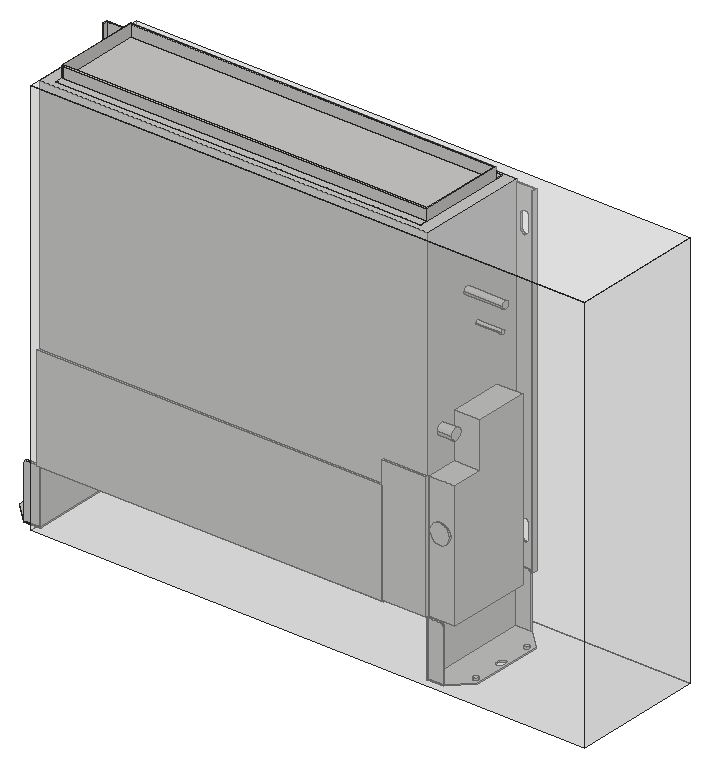
Revit family "outputfile", category 機械設備, Revit 2024
Family settings
  丸型コネクタ寸法 = 半径を使用
  パーツ タイプ = 標準
  OmniClass 番号 = 23.75.10.24.21.27.27
  OmniClass タイトル = Split System Air Conditioning Units
  作業面ベース = いいえ
  常に垂直 = はい
  ロード時にボイドで切り取り = いいえ
  注釈の向きを維持 = いいえ
  共有 = いいえ
  部屋計算ポイント = いいえ
Parameters (values of type "FXNQ20A2VEB")
  Description = ""
  製造元 = "Daikin"
  書き出し IFC クラス(タイプ) = "IfcUnitaryEquipmentType"
  定義済み IFC タイプ(タイプ) = "AIRCONDITIONINGUNIT"
  Cost = 0
  モデル = "FXNQ20A2VEB"
  Type Comments = ""
  Keynote = ""
  Type Image = (empty or 0)
  Assembly Code = ""
  w_hangerfixture = 0.0 mm
  w_dischargeflange = 662.0 mm
  r_Liquid Pipe Size = Liquid Pipe Size / 2  # 3.2 mm
  r_Gas Pipe Size = Gas Pipe Size / 2  # 6.35 mm
  w_mounting foot = 830.0 mm
  r_Drain Pipe Size = Drain Pipe Size / 2  # 10.0 mm
  h_mountinghole = [h***] + 1.6 mm  # 1.6 mm
  lh_liquidpipe = 193.0 mm
  lh_gaspipe = 130.0 mm
  lh_drainpipe = 330.0 mm
  lh_antena = 725.8 mm  # constant formula
  ld_liquidpipe = 90.0 mm
  ld_gaspipe = 114.0 mm
  ld_drainpipe = 171.0 mm
  h*** = 0.0 mm  # constant formula
  w_front suction = 601.0 mm
  d_pipe_2 = 27.3 mm  # constant formula
  d_pipe_1 = 47.6 mm  # constant formula
  d_pipe = 71.2 mm  # constant formula
  Width = 704.8 mm
  Voltage_comment_60Hz = "220"
  Voltage_comment_50Hz = "220-240"
  Voltage_60Hz = 220 V
  Voltage_50Hz = 220 V
  Version = "ver.1.0"
  Unit Type = "Concealed Floor Standing Type"
  Unit Mass Weight = 23.50 kg
  Unit Designation [instance] = ""
  Uniclass2015Version = "Products v1.30"
  Uniclass2015Title = "Variable refrigerant flow units"
  Uniclass2015Code = "Pr_70_65_03_94"
  URL = ""
  Total Heating Capacity [instance] = 0.000 kW
  Total Cooling Capacity [instance] = 0.000 kW
  Sound Pressure Level_M speed (dBA) = 0
  Sound Pressure Level_L speed (dBA) = 27
  Sound Pressure Level_H speed (dBA) = 30
  Series = "VRV Fan Coil Unit"
  Sensible Cooling Capacity [instance] = 0.000 kW
  SA Duct Size Width = 660.0 mm
  SA Duct Size Height = 154.0 mm
  Refrigerant Type = "R410A"
  Power Input (Heating) = 0.068 kW
  Power Input (Cooling) = 0.071 kW
  Phase_60Hz = 1
  Phase_50Hz = 1
  Option Accessory 3 [instance] = ""
  Option Accessory 2 [instance] = ""
  Option Accessory 1 [instance] = ""
  Nominal Heating Capacity = 2.500 kW
  Nominal Cooling Capacity = 2.200 kW
  Minimum External Static Pressure = 0.00 Pa
  Minimum Circuit Amps_60Hz = 0.4 A
  Minimum Circuit Amps_50Hz = 0.4 A
  Minimum Airflow = 384.00 m³/h
  Median Airflow = 432.00 m³/h
  Maximum Fuse Amps_60Hz = 16.0 A
  Maximum Fuse Amps_50Hz = 16.0 A
  Maximum External Static Pressure = 41.00 Pa
  Maximum Airflow = 480.00 m³/h
  Material_Casing = DAIKIN_GalvanizedSteel_Casing_indoorunit
  Load Classification = HVAC
  Liquid Pipe Size = 6.4 mm
  Link_Nested Family [instance] = ""
  IfcVersion = "0"
  IfcExportType = "AIRCONDITIONINGUNIT"
  IfcExportAs = "IfcUnitaryEquipmentType"
  Height = 623.4 mm
  Heating Entering Wet Bulb Temperature [instance] = 0.00 °C
  Heating Entering Dry Bulb Temperature [instance] = 0.00 °C
  Heating Ambient Wet Bulb Temperature [instance] = 0.00 °C
  Heating Ambient Dry Bulb Temperature [instance] = 0.00 °C
  Heat Exchanger Type = "Cross Fin Coil"
  Gas Pipe Size = 12.7 mm
  Frequency_60Hz = 60 Hz
  Frequency_50Hz = 50 Hz
  Fan Type = "Sirocco Fan"
  Fan Drive = "Direct Drive"
  FCU Tag No. [instance] = ""
  Drain Pipe Size = 20.0 mm
  Design Supply Airflow [instance] = 0.00 m³/h
  Design External Static Pressure [instance] = 0.00 Pa
  Depth = 200.0 mm
  既定の高さ = 0.0 mm
  Cooling Entering Wet Bulb Temperature [instance] = 0.00 °C
  Cooling Entering Dry Bulb Temperature [instance] = 0.00 °C
  Cooling Ambient Wet Bulb Temperature [instance] = 0.00 °C
  Cooling Ambient Dry Bulb Temperature [instance] = 0.00 °C
  Clearance visibility [instance] = yes
  Clearance Top = 0.0 mm
  Clearance Right = 300.0 mm
  Clearance Rear = 20.0 mm
  Clearance Left = 0.0 mm
  Clearance Front = 20.0 mm
  Clearance Bottom = 100.0 mm
Reference planes
  plane 1 "Back": y = 0
  plane 2: z = 0
  plane 3 "Center (Left/Right)": x = 0
  plane 4 "Center (Front/Back)": y = -100
  plane 5 "Front": y = -200
  plane 6 "Left": x = -352.4
  plane 7 "Right": x = 352.4
  plane 8 "Top": z = 726.4
  plane 9: z = 103
  plane 10 "lh_liquidpipe": z = 533.4
  plane 11 "ld_liquidpipe": y = -90
  plane 12 "ld_gaspipe": y = -114
  plane 13 "lh_gaspipe": z = 596.4
  plane 14 "lh_drainpipe": z = 396.4
  plane 15 "ld_drainpipe": y = -171
  plane 16: x = 400
  plane 17: x = 423.6
  plane 18: x = -340
  plane 19: x = 261
  plane 20: z = 111.4
  plane 21: z = 290.8
  plane 22 "lw_powersupply": x = 376.2
  plane 23 "ld_powersupply": y = -150
  plane 24: y = -10
  plane 25: y = -190
  plane 26: x = 415
  plane 27: x = -415
  plane 28: x = 379.7
  plane 29: x = -390
  plane 30: x = 390
  plane 31: z = 723
  plane 32: z = 747.6
  plane 33: z = 726.4
  plane 34: z = 3
  plane 35: x = -352.4
  plane 36: x = 652.4
  plane 37: y = -220
  plane 38: y = 20
  plane 39: x = -405
  plane 40: x = 405
  plane 41: y = -97.5
  plane 42 "Bottom": z = 0
Forms (mm)
  Extrusion 1, solid, material "DAIKIN_GalvanizedSteel_Casing_indoorunit" <- "Material_Casing"
    sketch origin (0, 0, 0) x (1, 0, 0) y (0, 1, 0)
      loop
        line (-352.4, 0) -> (-352.4, -200) -> (352.4, -200) -> (352.4, 0) -> (-352.4, 0)
    from 103 to 726.4
  Extrusion 2, solid, material "DAIKIN_GalvanizedSteel_Casing_indoorunit" <- "Material_Casing"
    sketch origin (352.4, 0, 0) x (0, -1, 0) y (0, 0, -1)
      loop
        circle (90, -533.4) r 3.2
    from 0 to 47.6
  Extrusion 3, solid, material "DAIKIN_GalvanizedSteel_Casing_indoorunit" <- "Material_Casing"
    sketch origin (352.4, 0, 0) x (0, -1, 0) y (0, 0, -1)
      loop
        circle (114, -596.4) r 6.35
    from 0 to 71.2
  Extrusion 4, solid, material "DAIKIN_GalvanizedSteel_Casing_indoorunit" <- "Material_Casing"
    sketch origin (0, -200, 0) x (-1, 0, 0) y (0, 0, 1)
      loop
        line (352.4, 290.8) -> (-271.8, 290.8) -> (-271.8, 103) -> (352.4, 103) -> (352.4, 290.8)
    from 0 to -5
  Extrusion 5, solid, material "DAIKIN_GalvanizedSteel_Casing_indoorunit" <- "Material_Casing"
    sketch origin (352.4, 0, 0) x (0, 1, 0) y (0, 0, 1)
      loop
        line (-198.4, 103.6) -> (-46, 103.6) -> (-46, 413.6) -> (-142.2, 413.6) -> (-142.2, 331.6) -> (-198.4, 331.6) -> (-198.4, 103.6)
    from 0 to 47.6
  Extrusion 6, solid, material "DAIKIN_GalvanizedSteel_Casing_indoorunit" <- "Material_Casing"
    sketch origin (0, 0, 103) x (-1, 0, 0) y (0, -1, 0)
      loop
        line (352.4, 0) -> (352.4, 200) -> (-271.8, 200) -> (-271.8, 0) -> (352.4, 0)
    from 0 to -5
  Extrusion 7, solid, material "DAIKIN_GalvanizedSteel_Casing_indoorunit" <- "Material_Casing"
    sketch origin (352.4, 0, 0) x (0, 1, 0) y (0, 0, 1)
      loop
        circle (-171, 396.4) r 10
    from 0 to 27.3
  Extrusion 8, solid, material "DAIKIN_GalvanizedSteel_Casing_indoorunit" <- "Material_Casing"
    sketch origin (0, 0, 103) x (-1, 0, 0) y (0, -1, 0)
      loop
        line (352.4, 0) -> (390, 0) -> (390, 10) -> (387.7, 10) -> (387.7, 2.3) -> (352.4, 2.3) -> (352.4, 0)
    from 0 to 620
  Extrusion 9, solid, material "DAIKIN_GalvanizedSteel_Casing_indoorunit" <- "Material_Casing"
    sketch origin (0, 0, 103) x (1, 0, 0) y (0, 1, 0)
      loop
        line (352.4, 0) -> (352.4, -2.3) -> (387.7, -2.3) -> (387.7, -10) -> (390, -10) -> (390, 0) -> (352.4, 0)
    from 0 to 620
  Extrusion 10, void
    sketch origin (-352.4, -2.3, 103) x (1, 0, 0) y (0, 0, -1)
      loop
        line (-24.6, -547) -> (-24.6, -573)
        arc (-24.6, -573) -> (-17.6, -580) -> (-10.6, -573) r 7
        line (-10.6, -573) -> (-10.6, -547)
        arc (-10.6, -547) -> (-17.6, -540) -> (-24.6, -547) r 7
      loop
        arc (729.4, -547) -> (722.4, -540) -> (715.4, -547) r 7
        line (715.4, -547) -> (715.4, -573)
        arc (715.4, -573) -> (722.4, -580) -> (729.4, -573) r 7
        line (729.4, -573) -> (729.4, -547)
      loop
        line (-24.6, -47) -> (-24.6, -73)
        arc (-24.6, -73) -> (-17.6, -80) -> (-10.6, -73) r 7
        line (-10.6, -73) -> (-10.6, -47)
        arc (-10.6, -47) -> (-17.6, -40) -> (-24.6, -47) r 7
      loop
        arc (729.4, -47) -> (722.4, -40) -> (715.4, -47) r 7
        line (715.4, -47) -> (715.4, -73)
        arc (715.4, -73) -> (722.4, -80) -> (729.4, -73) r 7
        line (729.4, -73) -> (729.4, -47)
    from 0 to 250
  Extrusion 11, solid, material "DAIKIN_GalvanizedSteel_Casing_indoorunit" <- "Material_Casing"
    sketch origin (352.4, -200, 0) x (-1, 0, 0) y (0, 0, -1)
      loop
        line (80.6, -331.6) -> (80.6, -104.6) -> (0, -104.6) -> (0, -331.6) -> (80.6, -331.6)
    from 0 to 5
  Extrusion 12, solid, material "DAIKIN_GalvanizedSteel_Casing_indoorunit" <- "Material_Casing"
    sketch origin (352.4, -198.4, 331.6) x (0, 0, -1) y (1, 0, 0)
      loop
        circle (86.6, 21.8) r 17.5
    from 0 to 2.6
Cuts and joins
  Extrusion 10 cuts Extrusion 8
  Extrusion 10 cuts Extrusion 9
Dimensions and locks
  "Height": plane 8 "Top" to plane 9
  "Depth": plane 1 "Back" to plane 5 "Front"
  equal spacing: plane 5 "Front", plane 4 "Center (Front/Back)", plane 1 "Back"
  "Width": plane 6 "Left" to plane 7 "Right"
  equal spacing: plane 6 "Left", plane 3 "Center (Left/Right)", plane 7 "Right"
  "ld_liquidpipe": plane 11 "ld_liquidpipe" to plane 1 "Back"
  "lh_liquidpipe": plane 8 "Top" to plane 10 "lh_liquidpipe"
  "ld_gaspipe": plane 12 "ld_gaspipe" to plane 1 "Back"
  "lh_gaspipe": plane 8 "Top" to plane 13 "lh_gaspipe"
  "lh_drainpipe": plane 8 "Top" to plane 14 "lh_drainpipe"
  "ld_drainpipe": plane 15 "ld_drainpipe" to plane 1 "Back"
  "d_pipe_1": plane 16 to plane 7 "Right"
  "d_pipe": plane 17 to plane 7 "Right"
  plane 21 to plane 20 to plane 9 = 179.4 mm locked, 8.4 mm locked
  locked: plane 18 to plane 29 at 50
  "w_front suction": plane 19 to plane 18
  locked: Extrusion 5 sketch curve to Extrusion 5 sketch curve at 96.2
  locked: Extrusion 5 sketch curve to Extrusion 5 sketch curve at 310
  locked: Extrusion 5 sketch curve to Extrusion 5 sketch curve at 152.4
  locked: Extrusion 5 sketch curve to Extrusion 5 sketch curve at 228
  locked: Extrusion 5 sketch curve to plane 9 at 0.6
  locked: plane 7 "Right" to plane 22 "lw_powersupply" at 23.8
  locked: plane 23 "ld_powersupply" to plane 5 "Front" at 50
  locked: plane 24 to plane 1 "Back" at 10
  locked: plane 25 to plane 5 "Front" at 10
  equal spacing: plane 26, plane 3 "Center (Left/Right)", plane 27
  "w_mounting foot": plane 26 to plane 27
  locked: Extrusion 5 sketch curve to plane 1 "Back" at 46
  "d_pipe_2": plane 28 to plane 7 "Right"
  locked: plane 30 to plane 7 "Right" at 37.6
  locked: plane 6 "Left" to plane 29 at 37.6
  locked: Extrusion 10 sketch curve to Extrusion 10 sketch curve at 14  (x6)
  locked: Extrusion 10 sketch curve to Extrusion 10 sketch curve at 26  (x6)
  locked: plane 8 "Top" to plane 31 at 3.4
  locked: cut or joined group of Extrusion 8, Extrusion 10 to Extrusion 10 sketch curve at 17.6
  locked: cut or joined group of Extrusion 8, Extrusion 10 to Extrusion 10 sketch curve at 47
  locked: Extrusion 9 to Extrusion 10 sketch curve at 47
  locked: Extrusion 10 sketch curve to Extrusion 1 at 17.6  (x3)
  locked: Extrusion 10 sketch curve to Extrusion 10 sketch curve at 474  (x2)
  locked: plane 32 to plane 8 "Top" at 21.2
  "Clearance Right": plane 36 to plane 7 "Right"
  "Clearance Left": plane 6 "Left" to plane 35
  "Clearance Bottom": plane 9 to plane 34
  "Clearance Top": plane 33 to plane 8 "Top"
  "Clearance Front": plane 5 "Front" to plane 37
  "Clearance Rear": plane 1 "Back" to plane 38
  locked: plane 27 to plane 39 at 10
  locked: plane 40 to plane 26 at 10
  locked: plane 41 to plane 4 "Center (Front/Back)" at 2.5
  "h***": plane 42 "Bottom" to plane 2
  locked: plane 9 to plane 42 "Bottom" at 103
  locked: Extrusion 11 sketch curve to Extrusion 11 sketch curve at 227
  locked: Extrusion 11 sketch curve to Extrusion 11 sketch curve at 80.6
  locked: Extrusion 11 sketch curve to plane 9 at 1.6
  locked: Extrusion 12 sketch curve to plane 9 at 142
  locked: Extrusion 12 sketch curve to plane 7 "Right" at 21.8
  "Liquid Pipe Size": diameter of Extrusion 2 sketch curve
  "Gas Pipe Size": diameter of Extrusion 3 sketch curve
  "Drain Pipe Size": diameter of Extrusion 7 sketch curve
  aligned and locked: level to plane 2
  aligned and locked: plane 1 "Back" to Extrusion 1 sketch curve
  aligned and locked: plane 6 "Left" to Extrusion 1 sketch curve
  aligned and locked: plane 5 "Front" to Extrusion 1 sketch curve
  aligned and locked: Extrusion 1 sketch curve to plane 7 "Right"
  aligned and locked: plane 8 "Top" to Extrusion 1
  aligned and locked: Extrusion 1 to plane 9
  aligned and locked: plane 9 to nested 1
  aligned and locked: nested 1 to plane 4 "Center (Front/Back)"
  aligned and locked: plane 4 "Center (Front/Back)" to nested 2
  aligned and locked: nested 2 to plane 9
  aligned and locked: plane 11 "ld_liquidpipe" to Extrusion 2 sketch curve
  aligned and locked: plane 10 "lh_liquidpipe" to Extrusion 2 sketch curve
  aligned and locked: plane 16 to Extrusion 2
  aligned and locked: plane 13 "lh_gaspipe" to Extrusion 3 sketch curve
  aligned and locked: plane 12 "ld_gaspipe" to Extrusion 3 sketch curve
  aligned and locked: plane 17 to Extrusion 3
  aligned and locked: plane 21 to Extrusion 4 sketch curve
  aligned and locked: plane 5 "Front" to Extrusion 4
  aligned and locked: plane 22 "lw_powersupply" to nested 3
  aligned and locked: plane 23 "ld_powersupply" to nested 3
  aligned and locked: plane 9 to Extrusion 6
  aligned and locked: nested 1 to plane 26
  aligned and locked: nested 2 to plane 27
  aligned and locked: plane 16 to Extrusion 5
  aligned and locked: Extrusion 5 to nested 3
  aligned and locked: plane 14 "lh_drainpipe" to Extrusion 7 sketch curve
  aligned and locked: plane 15 "ld_drainpipe" to Extrusion 7 sketch curve
  aligned and locked: plane 28 to Extrusion 7
  aligned and locked: nested 4 to plane 12 "ld_gaspipe"
  aligned and locked: nested 4 to Extrusion 3
  aligned and locked: nested 5 to Extrusion 2
  aligned and locked: Extrusion 7 to plane 7 "Right"
  aligned and locked: nested 4 to plane 13 "lh_gaspipe"
  aligned and locked: nested 5 to plane 10 "lh_liquidpipe"
  aligned and locked: nested 6 to plane 15 "ld_drainpipe"
  aligned and locked: plane 28 to nested 6
  aligned and locked: nested 6 to plane 14 "lh_drainpipe"
  aligned and locked: Extrusion 8 to plane 9
  aligned and locked: plane 30 to Extrusion 9
  aligned and locked: Extrusion 9 to plane 7 "Right"
  aligned and locked: Extrusion 8 to plane 29
  aligned and locked: Extrusion 9 to plane 9
  aligned and locked: plane 31 to cut or joined group of Extrusion 8, Extrusion 10
  aligned and locked: plane 31 to Extrusion 9
  aligned and locked: plane 8 "Top" to nested 7
  aligned and locked: nested 7 to plane 32
  aligned and locked: plane 3 "Center (Left/Right)" to nested 7
  aligned and locked: nested 8 to plane 38
  aligned and locked: nested 8 to plane 37
  aligned and locked: plane 33 to nested 8
  aligned and locked: plane 34 to nested 8
  aligned and locked: plane 35 to nested 8
  aligned and locked: plane 36 to nested 8
  aligned and locked: nested 9 to plane 4 "Center (Front/Back)"
  aligned and locked: plane 40 to nested 9
  aligned and locked: nested 10 to plane 4 "Center (Front/Back)"
  aligned and locked: plane 39 to nested 10
  aligned and locked: plane 41 to nested 7
  aligned and locked: Extrusion 11 sketch curve to plane 7 "Right"
  aligned and locked: plane 6 "Left" to Extrusion 4 sketch curve
  aligned and locked: plane 9 to Extrusion 4 sketch curve
  aligned and locked: Extrusion 11 to Extrusion 4 sketch curve
  aligned and locked: plane 1 "Back" to Extrusion 6 sketch curve
  aligned and locked: plane 5 "Front" to Extrusion 6 sketch curve
  aligned and locked: Extrusion 6 to plane 6 "Left"
  aligned and locked: Extrusion 6 to Extrusion 11
Automatic sketch dimensions
  Extrusion 1 sketch curve to plane 5 "Front" = 0.0 mm
  plane 1 "Back" to Extrusion 8 sketch curve = 0.0 mm
  Extrusion 8 sketch curve to plane 6 "Left" = 0.0 mm
  plane 24 to Extrusion 8 sketch curve = 0.0 mm
  Extrusion 8 sketch curve to plane 29 = 0.0 mm
  plane 29 to Extrusion 8 sketch curve = 2.3 mm
  plane 1 "Back" to Extrusion 8 sketch curve = 2.3 mm
  plane 1 "Back" to Extrusion 9 sketch curve = 0.0 mm
  Extrusion 9 sketch curve to plane 7 "Right" = 0.0 mm
  plane 24 to Extrusion 9 sketch curve = 0.0 mm
  Extrusion 9 sketch curve to plane 30 = 0.0 mm
  Extrusion 9 sketch curve to plane 30 = 2.3 mm
  plane 1 "Back" to Extrusion 9 sketch curve = 2.3 mm
  plane 27 to Extrusion 6 sketch curve = 62.6 mm
  Extrusion 6 sketch curve to plane 36 = 380.6 mm
  radius of Extrusion 12 sketch curve = 17.5 mm
Nested families
  nested 1: "daikin_hangerfixture_FXNQ-A2VEB" at (415, -100, 103) x (0, -1, 0) z (0, 0, 1), type "daikin_hangerfixture_FXNQ-A2VEB"
  nested 2: "daikin_hangerfixture_FXNQ-A2VEB" at (-415, -100, 103) x (0, -1, 0) z (0, 0, 1), type "daikin_hangerfixture_FXNQ-A2VEB"
  nested 3: "daikin_connector_rotate2" at (376.2, -150, 153.6) x (1, 0, 0) z (0, -1, 0), type "daikin_connector_rotate2"
    with radius 10.0 mm, length 50.0 mm, angle_vertical 90.00°, show_face no
  nested 4: "daikin_connector_rotate2" at (352.45, -114, 596.4) x (0, 1, 0) z (0, 0, 1), radius <- "r_Gas Pipe Size", type "daikin_connector_rotate2"
    with radius 6.35 mm, length 71.15 mm, angle_vertical 90.00°, show_face no
  nested 5: "daikin_connector_rotate2" at (352.4, -90, 533.4) x (0, 1, 0) z (0, 0, 1), radius <- "r_Liquid Pipe Size", type "daikin_connector_rotate2"
    with radius 3.2 mm, length 47.6 mm, angle_vertical 90.00°, show_face no
  nested 6: "daikin_connector_rotate2" at (352.4, -171, 396.4) x (0, 1, 0) z (0, 0, 1), radius <- "r_Drain Pipe Size", type "daikin_connector_rotate2"
    with radius 10.0 mm, length 27.3 mm, angle_vertical 90.00°, show_face no
  nested 7: "daikin_ductflange_FXNQ-A2VEB" at (0, -189, 726.4) x (1, 0, 0) z (0, 1, 0), width <- "w_dischargeflange", material <- "Material_Casing", type "daikin_ductflange_FXNQ-A2VEB"
    with width 662.0 mm, material DAIKIN_GalvanizedSteel_Casing_indoorunit, height 183.0 mm, depth 21.2 mm
  nested 8: "daikin_clearancespace" at (150, -100, 364.819), visible <- "Clearance visibility", show <- "Clearance visibility", Link_Nested Family <- "Link_Nested Family", type "daikin_clearancespace"
    with width 1004.8 mm, show yes, height 723.4 mm, depth 240.0 mm, Link_Nested Family ""
  nested 9: "daikin_mountinghole" at (405, -100, 0), Link_Nested Family <- "Link_Nested Family", h_mountinghole <- "h_mountinghole", l_antenna <- "lh_antena", type "daikin_mountinghole"
    with show yes, l_antenna 725.8 mm, h_mountinghole 1.6 mm, Link_Nested Family ""
  nested 10: "daikin_mountinghole" at (-405, -100, 0), Link_Nested Family <- "Link_Nested Family", h_mountinghole <- "h_mountinghole", l_antenna <- "lh_antena", type "daikin_mountinghole"
    with show yes, l_antenna 725.8 mm, h_mountinghole 1.6 mm, Link_Nested Family ""
Connectors
  electrical at (376.2, -150, 103.6), driven by "Load Classification"
    settings: on nested 3, index 4, voltage 0 V, apparent load 0 VA, apparent load phase1 0 VA, apparent load phase2 0 VA, apparent load phase3 0 VA, power factor 1, load classification "HVAC", number of poles 1, system type 30, power factor state 1, is connector primary yes, connector utility no, sub classification motor no, connector description "Power Supply"
  piping at (423.6, -114, 596.4), diameter 12.7, driven by "r_Gas Pipe Size"
    settings: on nested 4, index 6, connector inside diameter 609.6 mm, connector length 0.0 mm, flow factor 0, pipe flow 0.00 m³/h, pressure drop 0.0 Pa, fitting loss kfactor 0, connector angle 0.00°, fixture units 0, engagement length 0.0 mm, angle of deflection 0.00°, flow configuration 1, flow direction 2, fitting loss method 0, system type 29, joint type 0, gender type 0, connector reference index -1, connector utility 0, adjustable connector no, is connector primary yes, connector description "Refrigerant Gas Piping"
  piping at (400, -90, 533.4), diameter 6.4, driven by "r_Liquid Pipe Size"
    settings: on nested 5, index 7, connector inside diameter 609.6 mm, connector length 0.0 mm, flow factor 0, pipe flow 0.00 m³/h, pressure drop 0.0 Pa, fitting loss kfactor 0, connector angle 0.00°, fixture units 0, engagement length 0.0 mm, angle of deflection 0.00°, flow configuration 1, flow direction 1, fitting loss method 0, system type 29, joint type 0, gender type 0, connector reference index -1, connector utility 0, adjustable connector no, is connector primary no, connector description "Refrigerant Liquid Piping"
  piping at (379.7, -171, 396.4), diameter 20, driven by "r_Drain Pipe Size"
    settings: on nested 6, index 8, connector inside diameter 609.6 mm, connector length 0.0 mm, flow factor 0, pipe flow 0.00 m³/h, pressure drop 0.0 Pa, fitting loss kfactor 0, connector angle 0.00°, fixture units 0, engagement length 0.0 mm, angle of deflection 0.00°, flow configuration 1, flow direction 2, fitting loss method 4, system type 16, joint type 0, gender type 0, connector reference index -1, connector utility 0, adjustable connector no, is connector primary no, connector description "Condensate Drain Piping"
  hvac at (0, -97.5, 747.6), driven by "SA Duct Size Width", driven by "SA Duct Size Height"
    settings: on nested 7, index 9, duct flow 0.00 m³/h, flow factor 0, pres drop 0.00 Pa, loss coef 0, conn angle 0.00°, conn width 660.0 mm, conn height 154.0 mm, conn diameter 609.6 mm, duct sys type 1, conn prof type 1, flow config 0, flow direction 2, loss method 4, conn ref index -1, conn util no, is conn primary yes, conn desc "SA Duct"
Definition of nested family "daikin_hangerfixture_FXNQ-A2VEB"
  Parameters (values of type "daikin_hangerfixture_FXNQ-A2VEB")
    width = 200.0 mm
    material = none
    height = 103.0 mm
    depth = 84.2 mm
    Default Elevation = 0.0 mm
  Reference planes
    plane 1 "Center (Front/Back)": y = 0
    plane 2: z = 0
    plane 3 "Center (Left/Right)": x = 0
    plane 4: y = -84.2
    plane 5: x = -100
    plane 6: x = 100
    plane 7: z = -103
    plane 8: x = 98.4
    plane 9: x = -98.4
  Forms (mm)
    Extrusion 1, solid, material <- "material"
      sketch origin (0, 0, 0) x (0, 1, 0) y (0, 0, 1)
        loop
          line (-84.2, 0) -> (-84.2, -1.6) -> (-65.2, -1.6) -> (-65.2, -101.4)
          arc (-65.2, -101.4) -> (-64.731, -102.531) -> (-63.6, -103) r 1.6
          line (-63.6, -103) -> (0, -103) -> (0, -101.4) -> (-63.6, -101.4) -> (-63.6, 0) -> (-84.2, 0)
      from -100 to 100
    Extrusion 2, void
      sketch origin (0, 0, -101.4) x (1, 0, 0) y (0, -1, 0)
        loop
          line (-100, 0) -> (-66, 0) -> (-100, 34) -> (-100, 0)
        loop
          line (100, 0) -> (100, 34) -> (66, 0) -> (100, 0)
        loop
          line (-3, 4) -> (3, 4)
          arc (3, 4) -> (9, 10) -> (3, 16) r 6
          line (3, 16) -> (-3, 16)
          arc (-3, 16) -> (-9, 10) -> (-3, 4) r 6
      from 0 to 1.6
    Extrusion 3, solid, material <- "material"
      sketch origin (0, 0, 0) x (0, 1, 0) y (0, 0, 1)
        loop
          line (-63.6, -1.8) -> (-63.6, -101.4) -> (-35, -101.4) -> (-35, -6.8)
          arc (-35, -6.8) -> (-36.464, -3.264) -> (-40, -1.8) r 5
          line (-40, -1.8) -> (-63.6, -1.8)
      from 98.4 to 100
    Extrusion 4, solid, material <- "material"
      sketch origin (-265, -1.4, 0) x (0, 1, 0) y (0, 0, 1)
        loop
          line (-62.2, -1.8) -> (-62.2, -101.4) -> (-33.6, -101.4) -> (-33.6, -7.36)
          arc (-33.6, -7.36) -> (-35.228, -3.428) -> (-39.16, -1.8) r 5.56
          line (-39.16, -1.8) -> (-62.2, -1.8)
      from 165 to 166.6
    Extrusion 5, solid, material <- "material"
      sketch origin (0, 0, -101.4) x (0, -1, 0) y (1, 0, 0)
        loop
          circle (10, -57.85) r 4.1
        loop
          circle (10, 57.85) r 4.1
      from 0 to 2.6
    Extrusion 6, solid, material <- "material"
      sketch origin (0, 0, 0) x (1, 0, 0) y (0, 0, 1)
        loop
          line (-63.4, 25.35) -> (-72.9, 25.35)
          arc (-72.9, 25.35) -> (-76.436, 23.886) -> (-77.9, 20.35) r 5
          line (-77.9, 20.35) -> (-77.9, 0) -> (-58.4, 0) -> (-58.4, 20.35)
          arc (-58.4, 20.35) -> (-59.864, 23.886) -> (-63.4, 25.35) r 5
        loop
          circle (-68.15, 15.6) r 6
      from 63.6 to 65.2
  Cuts and joins
    Extrusion 2 cuts Extrusion 1
  Dimensions and locks
    "width": plane 5 to plane 6
    "depth": plane 4 to plane 1 "Center (Front/Back)"
    equal spacing: plane 5, plane 3 "Center (Left/Right)", plane 6
    "height": level to plane 7
    locked: Extrusion 3 sketch curve to Extrusion 3 sketch curve at 99.6
    locked: Extrusion 3 sketch curve to Extrusion 3 sketch curve at 28.6
    locked: plane 8 to plane 6 at 1.6
    locked: plane 5 to plane 9 at 1.6
    locked: Extrusion 4 sketch curve to Extrusion 4 sketch curve at 99.6
    locked: Extrusion 4 sketch curve to Extrusion 4 sketch curve at 28.6
    locked: Extrusion 5 sketch curve to plane 6 at 42.15
    locked: plane 5 to Extrusion 5 sketch curve at 42.15
    locked: Extrusion 5 sketch curve to plane 1 "Center (Front/Back)" at 10  (x2)
    locked: Extrusion 6 sketch curve to Extrusion 6 sketch curve at 25.35
    locked: Extrusion 6 sketch curve to Extrusion 6 sketch curve at 19.5
    locked: Extrusion 6 sketch curve to plane 5 at 22.1
    locked: Extrusion 6 sketch curve to Extrusion 6 sketch curve at 9.75
    radius of Extrusion 3 sketch curve = 5.0 mm
    radius of Extrusion 4 sketch curve = 5.56 mm
    radius of Extrusion 5 sketch curve = 4.1 mm  (x2)
    aligned and locked: level to plane 2
    aligned and locked: Extrusion 1 to plane 5
    aligned and locked: plane 6 to Extrusion 1
    aligned and locked: Extrusion 1 to plane 1 "Center (Front/Back)"
    aligned and locked: Extrusion 1 to plane 4
    aligned and locked: cut or joined group of Extrusion 1, Extrusion 2 to Extrusion 3 sketch curve  (x2)
    aligned and locked: plane 6 to Extrusion 3
    aligned and locked: Extrusion 3 to plane 8
    aligned and locked: Extrusion 4 to plane 5
    aligned and locked: plane 9 to Extrusion 4
    aligned and locked: Extrusion 4 to cut or joined group of Extrusion 1, Extrusion 2
    aligned and locked: level to Extrusion 6 sketch curve
    aligned and locked: cut or joined group of Extrusion 1, Extrusion 2 to Extrusion 6  (x2)
  Automatic sketch dimensions
    Extrusion 1 sketch curve to plane 4 = 0.0 mm
    Extrusion 1 sketch curve to plane 7 = 0.0 mm
    Extrusion 1 sketch curve to plane 1 "Center (Front/Back)" = 0.0 mm
    Extrusion 1 sketch curve to Extrusion 1 sketch curve = 0.0 mm  (x2)
    Extrusion 2 sketch curve to Extrusion 1 = 0.0 mm  (x2)
    Extrusion 1 to Extrusion 2 sketch curve = 0.0 mm  (x2)
    Extrusion 1 to Extrusion 2 sketch curve = 34.0 mm  (x2)
    Extrusion 1 to Extrusion 2 sketch curve = 10.0 mm
    Extrusion 2 sketch curve to Extrusion 2 sketch curve = 63.0 mm
    Extrusion 2 sketch curve to Extrusion 2 sketch curve = 6.0 mm  (x2)
    Extrusion 2 sketch curve to Extrusion 1 = 29.6 mm  (x2)
    Extrusion 4 sketch curve to level = 1.8 mm
    plane 4 to Extrusion 4 sketch curve = 20.6 mm
    Extrusion 6 sketch curve to Extrusion 6 sketch curve = 5.0 mm  (x2)
    Extrusion 6 sketch curve to Extrusion 6 sketch curve = 4.75 mm
    Extrusion 1 sketch curve to level = 1.6 mm
    plane 4 to Extrusion 1 sketch curve = 19.0 mm
    Extrusion 1 sketch curve to Extrusion 1 sketch curve = 1.6 mm
    Extrusion 1 sketch curve to level = 0.0 mm
    radius of Extrusion 6 sketch curve = 6.0 mm
Definition of nested family "daikin_ductflange_FXNQ-A2VEB"
  Parameters (values of type "daikin_ductflange_Exhaust Duct")
    width [instance] = 662.0 mm
    material [instance] = none
    height [instance] = 183.0 mm
    depth [instance] = 21.2 mm
    Default Elevation = 0.0 mm
  Reference planes
    plane 1 "Center (Front/Back)": y = 0
    plane 2: z = 0
    plane 3 "Center (Left/Right)": x = 0
    plane 4: y = -21.2
    plane 5: x = -331
    plane 6: x = 331
    plane 7 "Top": z = 183
    plane 8: y = -1
    plane 9: z = 168.5
    plane 10: z = 14.5
    plane 11 "Center (Elevation)": z = 91.5
    plane 12: x = -330
    plane 13: x = 330
  Forms (mm)
    Extrusion 1, solid, material <- "material"
      sketch origin (0, 0, 0) x (1, 0, 0) y (0, 0, 1)
        loop
          line (-331, 183) -> (-331, 0) -> (331, 0) -> (331, 183) -> (-331, 183)
        loop
          line (-330, 168.5) -> (-330, 14.5) -> (330, 14.5) -> (330, 168.5) -> (-330, 168.5)
      from 0 to 1
    Extrusion 2, solid, material <- "material"
      sketch origin (0, 0, 0) x (1, 0, 0) y (0, 1, 0)
        loop
          line (-331, -1) -> (-331, -21.2) -> (-330, -21.2) -> (-330, -1) -> (-331, -1)
        loop
          line (330, -1) -> (330, -21.2) -> (331, -21.2) -> (331, -1) -> (330, -1)
      from 14.5 to 168.5
    Extrusion 3, solid, material <- "material"
      sketch origin (0, 0, 0) x (0, 1, 0) y (0, 0, 1)
        loop
          line (-1, 168.5) -> (-1, 169.458) -> (-21.2, 169.458) -> (-21.2, 168.5) -> (-1, 168.5)
        loop
          line (-1, 14.5) -> (-21.2, 14.5) -> (-21.2, 13.542) -> (-1, 13.542) -> (-1, 14.5)
      from -331 to 331
  Cuts and joins
    joined: Extrusion 1, Extrusion 2, Extrusion 3
  Dimensions and locks
    "height": plane 7 "Top" to plane 2
    "width": plane 5 to plane 6
    equal spacing: plane 5, plane 3 "Center (Left/Right)", plane 6
    "depth": plane 1 "Center (Front/Back)" to plane 4
    locked: plane 8 to plane 1 "Center (Front/Back)" at 1
    locked: plane 7 "Top" to plane 9 at 14.5
    locked: plane 10 to plane 2 at 14.5
    equal spacing: plane 7 "Top", plane 11 "Center (Elevation)", plane 2
    locked: Extrusion 3 sketch curve to Extrusion 2 at 0.958  (x2)
    locked: plane 7 "Top" to Extrusion 1 sketch curve at 14.5
    locked: Extrusion 1 sketch curve to plane 2 at 14.5
    locked: plane 12 to plane 5 at 1
    locked: plane 6 to plane 13 at 1
    aligned and locked: level to plane 2
    aligned and locked: Extrusion 1 sketch curve to plane 7 "Top"
    aligned and locked: plane 5 to Extrusion 1 sketch curve
    aligned and locked: Extrusion 1 sketch curve to plane 6
    aligned and locked: plane 2 to Extrusion 1 sketch curve
    aligned and locked: Extrusion 1 to plane 8
    aligned and locked: plane 9 to Extrusion 2
    aligned and locked: Extrusion 2 to plane 10
    aligned and locked: plane 8 to Extrusion 3 sketch curve
    aligned and locked: Extrusion 3 sketch curve to plane 9
    aligned and locked: Extrusion 3 sketch curve to plane 8
    aligned and locked: Extrusion 3 sketch curve to plane 10
    aligned and locked: Extrusion 3 to plane 5
    aligned and locked: plane 6 to Extrusion 3
    aligned and locked: plane 4 to Extrusion 3 sketch curve
    aligned and locked: Extrusion 3 sketch curve to plane 4
    aligned and locked: plane 5 to Extrusion 2 sketch curve
    aligned and locked: Extrusion 2 sketch curve to plane 12
    aligned and locked: Extrusion 2 sketch curve to plane 6
    aligned and locked: plane 13 to Extrusion 2 sketch curve
    aligned and locked: Extrusion 2 sketch curve to plane 8
    aligned and locked: plane 4 to Extrusion 2 sketch curve
    aligned and locked: plane 12 to Extrusion 1 sketch curve
    aligned and locked: Extrusion 1 sketch curve to plane 13
  Automatic sketch dimensions
    Extrusion 2 sketch curve to plane 4 = 0.0 mm
    Extrusion 2 sketch curve to plane 8 = 0.0 mm
Definition of nested family "daikin_clearancespace"
  Parameters (values of type "daikin_clearancespace")
    width [instance] = 1823.963 mm
    show [instance] = yes
    material = none
    height [instance] = 1359.762 mm
    depth [instance] = 880.0 mm
    Default Elevation = 0.0 mm
    Link_Nested Family [instance] = ""
  Reference planes
    plane 1 "Center (Front/Back)": y = 0
    plane 2 "Center (Elevation)": z = -0.119
    plane 3 "Center (Left/Right)": x = 0
    plane 4: y = 440
    plane 5: y = -440
    plane 6 "Right": x = 911.982
    plane 7 "Left": x = -911.982
    plane 8 "Top": z = 679.762
    plane 9 "Bottom": z = -680
  Forms (mm)
    Extrusion 1, solid, material <- "material", visible <- "show"
      sketch origin (0, 0, 0) x (1, 0, 0) y (0, 1, 0)
        loop
          line (-911.982, 440) -> (-911.982, -440) -> (911.982, -440) -> (911.982, 440) -> (-911.982, 440)
      from -680 to 679.762
  Lines and regions (mm)
    symbolic lines, visible <- "show"
      curve 1: line (911.982, 440, 0) -> (-911.982, 440, 0)
      curve 2: line (-911.982, 440, 0) -> (-911.982, -440, 0)
      curve 3: line (-911.982, -440, 0) -> (911.982, -440, 0)
      curve 4: line (911.982, -440, 0) -> (911.982, 440, 0)
      curve 5: line (911.982, 0, 679.762) -> (-911.982, 0, 679.762)
      curve 6: line (911.982, 0, -680) -> (911.982, 0, 679.762)
      curve 7: line (-911.982, 0, -680) -> (911.982, 0, -680)
      curve 8: line (-911.982, 0, 679.762) -> (-911.982, 0, -680)
      curve 9: line (0, 440, 679.762) -> (0, -440, 679.762)
      curve 10: line (0, -440, 679.762) -> (0, -440, -680)
      curve 11: line (0, 440, -680) -> (0, 440, 679.762)
      curve 12: line (0, -440, -680) -> (0, 440, -680)
  Dimensions and locks
    "width": plane 7 "Left" to plane 6 "Right"
    "depth": plane 4 to plane 5
    "height": plane 8 "Top" to plane 9 "Bottom"
    equal spacing: plane 7 "Left", plane 3 "Center (Left/Right)", plane 6 "Right"
    equal spacing: plane 4, plane 1 "Center (Front/Back)", plane 5
    equal spacing: plane 8 "Top", plane 2 "Center (Elevation)", plane 9 "Bottom"
    aligned and locked: level to plane 2 "Center (Elevation)"
    aligned and locked: Extrusion 1 sketch curve to plane 4
    aligned and locked: plane 7 "Left" to Extrusion 1 sketch curve
    aligned and locked: Extrusion 1 sketch curve to plane 5
    aligned and locked: Extrusion 1 sketch curve to plane 6 "Right"
    aligned and locked: plane 8 "Top" to Extrusion 1
    aligned and locked: curve 1 to Extrusion 1
    aligned and locked: curve 2 to Extrusion 1
    aligned and locked: curve 3 to Extrusion 1
    aligned and locked: curve 4 to Extrusion 1
    aligned and locked: curve 5 to Extrusion 1
    aligned and locked: curve 6 to Extrusion 1
    aligned and locked: curve 7 to Extrusion 1
    aligned and locked: curve 8 to Extrusion 1
    aligned and locked: curve 9 to Extrusion 1
    aligned and locked: curve 10 to Extrusion 1
    aligned and locked: curve 11 to Extrusion 1
    aligned and locked: curve 12 to Extrusion 1
    aligned and locked: Extrusion 1 to plane 9 "Bottom"
Definition of nested family "daikin_connector_rotate2"
  Parameters (values of type "daikin_connector_rotate2")
    show_face = yes
    radius [instance] = 10.0 mm
    length [instance] = 600.0 mm
    d_surface = 10.0 mm
    angle_vertical [instance] = 90.00°
    Default Elevation = 0.0 mm
  Reference planes
    plane 1 "Center (Front/Back)": y = 0
    plane 2: z = 0
    plane 3 "Center (Left/Right)": x = 0
  Forms (mm)
    Extrusion 1, solid, visible <- "show_face"
      sketch origin (0, -600, 0) x (1, 0, 0) y (0, 0, 1)
        loop
          circle (0, 0) r 10
      from 0 to -10
  Lines and regions (mm)
    reference lines
      curve 1: line (0, 0, 0) -> (0, -600, 0)
    symbolic lines
      curve 2: circle (0, 0, 0) r 5 normal (0, 0, 1)
    model lines, visible <- "show_face"
      curve 3: line (0, 0, 0) -> (0, -600, 0)
  Dimensions and locks
    "length": curve 1 to curve 1
    "length": curve 3 to curve 3
    "d_surface": Extrusion 1 to Extrusion 1
    "radius": radius of Extrusion 1 sketch curve
    "angle_vertical": angle curve 1 to plane 1 "Center (Front/Back)"
    "angle_vertical": angle curve 3 to plane 1 "Center (Front/Back)"
    aligned and locked: level to plane 2
    aligned and locked: plane 1 "Center (Front/Back)" to curve 1
    aligned and locked: plane 2 to curve 1
    aligned and locked: plane 1 "Center (Front/Back)" to curve 2
    aligned and locked: plane 3 "Center (Left/Right)" to curve 2
    aligned and locked: plane 1 "Center (Front/Back)" to curve 3
    aligned and locked: plane 2 to curve 3
    aligned and locked: Extrusion 1 to Extrusion 1
  Automatic sketch dimensions
    Extrusion 1 sketch curve to level = 0.0 mm
    Extrusion 1 sketch curve to plane 3 "Center (Left/Right)" = 0.0 mm
    radius of curve 2 = 5.0 mm
Definition of nested family "daikin_mountinghole"
  Parameters (values of type "daikin_mountinghole")
    Default Elevation = 1219.2 mm
    Type Comments = "mountinghole"
    show [instance] = yes
    material = none
    l_centerline = 100.0 mm
    l_antenna [instance] = 100.0 mm
    h_mountinghole [instance] = 0.0 mm
    d_circle = 30.0 mm
    Link_Nested Family [instance] = ""
  Reference planes
    plane 1 "Center (Front/Back)": y = 0
    plane 2: z = 0
    plane 3 "Center (Left/Right)": x = 0
    plane 4: y = 50
    plane 5: x = -50
    plane 6: x = 50
    plane 7: y = -50
    plane 8 "h_mountinghole": z = 0
    plane 9: z = 100
  Lines and regions (mm)
    model lines, detail levels fine
      curve 1: circle (0, 0, 0) r 15 normal (0, 0, 1)
      curve 2: line (-50, 0, 0) -> (50, 0, 0)
      curve 3: line (0, 50, 0) -> (0, -50, 0)
    symbolic lines, detail levels fine
      curve 4: circle (0, 0, 0) r 15 normal (0, 0, 1)
      curve 5: line (-50, 0, 0) -> (50, 0, 0)
      curve 6: line (0, 50, 0) -> (0, -50, 0)
    model lines
      curve 7: line (0, 0, 100) -> (0, 0, 0)
  Dimensions and locks
    equal spacing: plane 4, plane 1 "Center (Front/Back)", plane 7
    "l_centerline": plane 4 to plane 7
    equal spacing: plane 5, plane 3 "Center (Left/Right)", plane 6
    "l_centerline": plane 5 to plane 6
    "l_antenna": plane 9 to plane 8 "h_mountinghole"
    "h_mountinghole": plane 8 "h_mountinghole" to plane 2
    "d_circle": diameter of curve 1
    "d_circle": diameter of curve 4
    aligned and locked: level to plane 2
    aligned and locked: plane 1 "Center (Front/Back)" to curve 1
    aligned and locked: plane 3 "Center (Left/Right)" to curve 1
    aligned and locked: plane 1 "Center (Front/Back)" to curve 2
    aligned and locked: curve 3 to plane 3 "Center (Left/Right)"
    aligned and locked: plane 6 to curve 2
    aligned and locked: plane 5 to curve 2
    aligned and locked: plane 4 to curve 3
    aligned and locked: plane 7 to curve 3
    aligned and locked: plane 1 "Center (Front/Back)" to curve 4
    aligned and locked: plane 3 "Center (Left/Right)" to curve 4
    aligned and locked: plane 6 to curve 5
    aligned and locked: plane 5 to curve 5
    aligned and locked: plane 1 "Center (Front/Back)" to curve 5
    aligned and locked: plane 4 to curve 6
    aligned and locked: plane 7 to curve 6
    aligned and locked: curve 6 to plane 3 "Center (Left/Right)"
    aligned and locked: curve 7 to plane 3 "Center (Left/Right)"
    aligned and locked: plane 9 to curve 7
    aligned and locked: plane 8 "h_mountinghole" to curve 7
